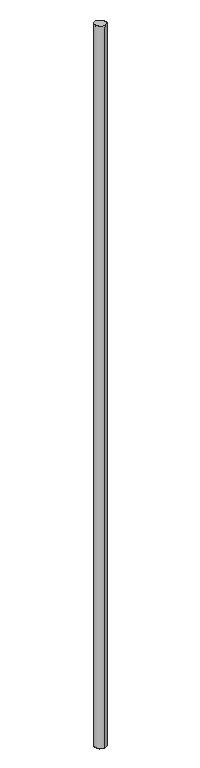
Revit family "M_Barras redondas-coluna", category Pilares estruturais, Revit 2019 (continued)
Types in the file's own list only (191): name | Momento de inércia de torção | Módulo de torção | Chave do nome do corte | Área de corte | Eixo fraco do módulo plástico | Eixo forte do módulo plástico | Perímetro | Peso nominal | Eixo fraco do momento de inércia | Eixo forte do momento de inércia | Eixo fraco do módulo de elasticidade | Eixo forte do módulo de elasticidade | Diâmetro | Centróide vertical | Centróide horizontal
  RB236.54 | 0.00 mm4 | 0.0 mm³ | "RB 9 5/16" | 43943.0 mm² | 2205712.0 mm³ | 2205712.0 mm³ | 0.74 m²/m | 0.00 kgf/m | 153663212.00 mm4 | 153663212.00 mm4 | 1299271.0 mm³ | 1299271.0 mm³ | 236.5 mm | 118.3 mm | 118.3 mm
  RB244.48 | 0.00 mm4 | 0.0 mm³ | "RB 9 5/8" | 46941.7 mm² | 2435298.0 mm³ | 2435298.0 mm³ | 0.77 m²/m | 0.00 kgf/m | 175350786.00 mm4 | 175350786.00 mm4 | 1434509.0 mm³ | 1434509.0 mm³ | 244.5 mm | 122.2 mm | 122.2 mm
  RB239.71 | 0.00 mm4 | 0.0 mm³ | "RB 9 7/16" | 45130.6 mm² | 2295730.0 mm³ | 2295730.0 mm³ | 0.75 m²/m | 0.00 kgf/m | 162081193.00 mm4 | 162081193.00 mm4 | 1352297.0 mm³ | 1352297.0 mm³ | 239.7 mm | 119.9 mm | 119.9 mm
  RB250.83 | 0.00 mm4 | 0.0 mm³ | "RB 9 7/8" | 49411.9 mm² | 2630033.0 mm³ | 2630033.0 mm³ | 0.79 m²/m | 0.00 kgf/m | 194291223.00 mm4 | 194291223.00 mm4 | 1549217.0 mm³ | 1549217.0 mm³ | 250.8 mm | 125.4 mm | 125.4 mm
  RB242.89 | 0.00 mm4 | 0.0 mm³ | "RB 9 9/16" | 46334.0 mm² | 2388165.0 mm³ | 2388165.0 mm³ | 0.76 m²/m | 0.00 kgf/m | 170840391.00 mm4 | 170840391.00 mm4 | 1406745.0 mm³ | 1406745.0 mm³ | 242.9 mm | 121.4 mm | 121.4 mm
  RB14.29 | 0.00 mm4 | 0.0 mm³ | "RB 9/16" | 160.3 mm² | 486.0 mm³ | 486.0 mm³ | 0.04 m²/m | 0.00 kgf/m | 2045.00 mm4 | 2045.00 mm4 | 286.0 mm³ | 286.0 mm³ | 14.3 mm | 7.1 mm | 7.1 mm
